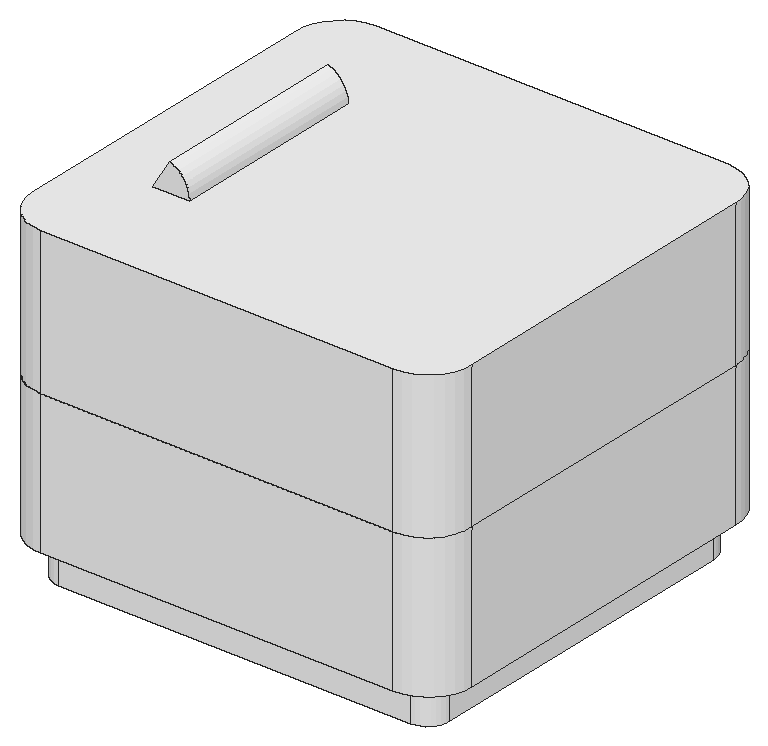
Revit family "Gira_044930", category Electrical Fixtures, host Face, Revit 2017
Family settings
  Host = Face
  Maintain Annotation Orientation = Yes
  Round Connector Dimension = Use Diameter
  Part Type = Normal
  Cut with Voids When Loaded = No
  Shared = No
  Room Calculation Point = No
Parameters (values of type "SCHUKO HC id.lock + in.sp. WP surface-mounted grey")
  URL = "http://katalog.gira.de/en/datenblatt.html?artikelnr=044930"
  Transparent = "No"
  Name = "SCHUKO HC id.lock + in.sp. WP surface-mounted grey"
  Model = "Protective contact (SCHUKO)"
  Manufacturer URL = "https://www.gira.de/"
  Manufacturer = "Gira"
  Keynote = ""
  HeinzeBIM = "https://bimportal.heinze.de/bim/schuko-hc-id-lock-in-sp-wp-surface-mounted-grey/4d51560096ac040e3c5bb2702e8b3ae179771d52"
  HAN = "044930"
  GTIN = "4010337449300"
  Description = "SCHUKO HC id.lock in.sp. WP SM GY,SCHUKO socket outlet 16 A 250 V~ with hinged cover, lock and inscription space,with identical lock types,grey,Features:,- With screw terminals."
  Default Elevation = 1219.2 mm
  Data sheet (1) = "https://katalog.gira.de/en/download.html?artikelnr=044930"
  Category = "Socket outlet"
  BIM (1) = "https://media.stage.bim.site/public/gira/36a6b08/IP44_Komplettgerät_Steckdose.rfa?public/gira/36a6b08/IP44_Komplettgerät_Steckdose.rfa"
  Available = "No"
Reference planes
  plane 1 "Center (Front/Back)": y = 0
  plane 2: z = 0
  plane 3 "Center (Left/Right)": x = 0
Forms (mm)
  Extrusion 1, solid, material "White", detail levels fine
    sketch origin (41, 0, 0) x (1, 0, 0) y (0, 1, 0)
      loop
        line (-9, 38) -> (-73, 38)
        arc (-73, 38) -> (-78.657, 35.657) -> (-81, 30) r 8
        line (-81, 30) -> (-81, -30)
        arc (-81, -30) -> (-78.657, -35.657) -> (-73, -38) r 8
        line (-73, -38) -> (-9, -38)
        arc (-9, -38) -> (-3.343, -35.657) -> (-1, -30) r 8
        line (-1, -30) -> (-1, 30)
        arc (-1, 30) -> (-3.343, 35.657) -> (-9, 38) r 8
    from 0 to 26
  Extrusion 2, solid, material "White", detail levels fine
    sketch origin (41, 0, 0) x (1, 0, 0) y (0, 1, 0)
      loop
        line (-9, 38) -> (-73, 38)
        arc (-73, 38) -> (-78.657, 35.657) -> (-81, 30) r 8
        line (-81, 30) -> (-81, -30)
        arc (-81, -30) -> (-78.657, -35.657) -> (-73, -38) r 8
        line (-73, -38) -> (-9, -38)
        arc (-9, -38) -> (-3.343, -35.657) -> (-1, -30) r 8
        line (-1, -30) -> (-1, 30)
        arc (-1, 30) -> (-3.343, 35.657) -> (-9, 38) r 8
    from 26 to 52.5
  Extrusion 3, solid, material "White", detail levels fine
    sketch origin (41, 0, 0) x (1, 0, 0) y (0, 0, 1)
      loop
        line (-68.7, 52.5) -> (-62.067, 52.5)
        arc (-62.067, 52.5) -> (-63.019, 55.628) -> (-65.7, 57.5) r 5
        line (-65.7, 57.5) -> (-68.7, 52.5)
    from 18 to -18
  Extrusion 4, solid, material "White", detail levels medium
    sketch origin (41, -5.734, 0) x (1, 0, 0) y (0, 1, 0)
      loop
        line (-9, 43.734) -> (-73, 43.734)
        arc (-73, 43.734) -> (-78.657, 41.391) -> (-81, 35.734) r 8
        line (-81, 35.734) -> (-81, -24.266)
        arc (-81, -24.266) -> (-78.657, -29.923) -> (-73, -32.266) r 8
        line (-73, -32.266) -> (-9, -32.266)
        arc (-9, -32.266) -> (-3.343, -29.923) -> (-1, -24.266) r 8
        line (-1, -24.266) -> (-1, 35.734)
        arc (-1, 35.734) -> (-3.343, 41.391) -> (-9, 43.734) r 8
    from 0 to 52.5
  Extrusion 5, solid, material "White", detail levels medium
    sketch origin (41, 0, 0) x (1, 0, 0) y (0, 0, 1)
      loop
        line (-68.7, 57.5) -> (-68.7, 52.5) -> (-62.067, 52.5) -> (-62.067, 57.5) -> (-68.7, 57.5)
    from -18 to 18
  Extrusion 6, solid, material "White", detail levels coarse
    sketch origin (41, 0, 0) x (1, 0, 0) y (0, 1, 0)
      loop
        line (-1, 38) -> (-81, 38) -> (-81, -38) -> (-1, -38) -> (-1, 38)
    from -7 to 57.5
  Extrusion 7, solid, material "White", detail levels medium+fine
    sketch origin (41, 0, 0) x (1, 0, 0) y (0, 1, 0)
      loop
        line (-9, 34) -> (-73, 34)
        arc (-73, 34) -> (-75.828, 32.828) -> (-77, 30) r 4
        line (-77, 30) -> (-77, -30)
        arc (-77, -30) -> (-75.828, -32.828) -> (-73, -34) r 4
        line (-73, -34) -> (-9, -34)
        arc (-9, -34) -> (-6.172, -32.828) -> (-5, -30) r 4
        line (-5, -30) -> (-5, 30)
        arc (-5, 30) -> (-6.172, 32.828) -> (-9, 34) r 4
    from 0 to -7
Dimensions and locks
  Extrusion 6 to plane 3 "Center (Left/Right)" to Extrusion 6 = 40 mm, 40 mm
  aligned and locked: plane 2 to host face
  aligned and locked: level to host face
  aligned and locked: plane 3 "Center (Left/Right)" to nested 1
  aligned and locked: plane 1 "Center (Front/Back)" to nested 1
Nested families
  nested 1: "Steckdose 1-fach Beschriftung" at (0, 0, 0), type "Steckdose 1-fach Beschriftung"
Connectors
  electrical at (0, 0, -7)
    settings: on Extrusion 7, index 1, voltage 220 V, apparent load 0 VA, apparent load phase1 0 VA, apparent load phase2 0 VA, apparent load phase3 0 VA, power factor 1, load classification "Other", number of poles 1, system type 31, power factor state 1, is connector primary yes, connector utility no, sub classification motor no, connector description ""
Definition of nested family "Steckdose 1-fach Beschriftung"
  Reference planes
    plane 1: y = 0
    plane 2: x = 0
  Lines and regions (mm)
    detail lines
      curve 1: line (0, 0, 0) -> (0, 2, 0)
      curve 3: line (0, 2, 0) -> (-1, 2, 0)
      curve 4: arc (1, 3, 0) -> (0, 2, 0) -> (-1, 3, 0) r 1
      curve 5: line (0, 2, 0) -> (1, 2, 0)
    reference lines
      curve 2: line (-0.485, 3, 0) -> (2.315, 3, 0)
  Dimensions and locks
    curve 1 to curve 1 = 2 mm
    plane 1 to curve 2 = 3 mm
    curve 3 to curve 3 = 1 mm
